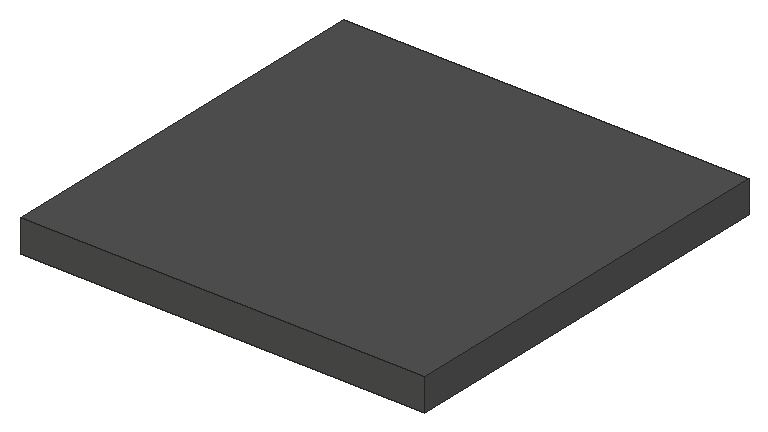
Revit family "Seating-Cushion-Teknion-BASC-R2015", category Furniture, Revit 2015
Parameters (values of type "Lay-On")
  Width [instance] = 19"
  Warranty = "http://www.teknion.com/ca/papers/legal-canada"
  Unit Weight URL = "http://www.teknion.com/ca/tools/assets#&asset=bee6a381-b954-425e-8283-5a2de3a804f2,f828d448-4b62-4231-9e5f-9a8991c0ed77"
  URL = "http://www.teknion.com/"
  Sustainability Data = "http://www.teknion.com/ca/tools/assets#&topic=216f99a5-57a0-44fc-b10a-9dee9b29ae4c&asset=444deb64-fe58-4b68-981e-f75e97781df7"
  Seat Upholstery Finish [instance] = Leather - Teknion - L104 - Black
  Product Page URL = "http://www.teknion.com/ca/products/product-details?productlineid=0053336e-8e7a-673b-a6c8-ff00004460c4"
  Product Line = "Expansion Casegoods"
  Product Documentation Link = "http://www.teknion.com/pricing/expansion-casegoods/pdfs/BASC_ppg.pdf"
  Part Number = "BASC"
  Note [instance] = "Available Widths are 19, 24, 30, and 36 inches."  # constant formula
  Model = "BASCL19_"
  Manufacturer Phone = "416-661-3370"
  Manufacturer Fax = "416.661.4586"
  Manufacturer Contact Information = "http://www.teknion.com/ca/contactus"
  Manufacturer Address = "1150 Flint Road, Toronto, ON. M3J 2J5. Canada"
  Manufacturer = "Teknion"  # constant formula
  Description = "Seat Cushion, Lay-on, 19\"d"
  Default Elevation = 48"
  Assembly Code = "E2020200"
Reference planes (in)
  plane 1 "Back": y = 0
  plane 2 "Bottom": z = 0
  plane 3 "Center L/R": x = 0
  plane 4 "Left": x = -9.5
  plane 5 "Right": x = 9.5
  plane 6 "Top": z = 1.5
  plane 7 "Front": y = -19
  plane 8: y = -9.5
Forms (in)
  Sweep 1, solid, material "Leather - Teknion - L104 - Black" <- "Seat Upholstery Finish"
    path origin (0, -0.5, -49.68504) x (1, 0, 0) y (0, 1, 0)
      loop
        line (-9.5, 0.5) -> (9.5, 0.5)
    profile origin (0, 0, -49.68504) x (0, 1, 0) y (0, 0, 1)
      loop
        line (0, 51.18504) -> (-19, 51.18504) -> (-19, 49.68504) -> (0, 49.68504) -> (0, 51.18504)
Lines and regions (in)
  Masking region 1
    outline origin (0, 0, 0) x (1, 0, 0) y (0, 1, 0)
      loop
        line (-9.5, 0) -> (-9.5, -19) -> (9.5, -19) -> (9.5, 0) -> (-9.5, 0)
  reference lines, not visible
    curve 1: line (-9.5, 0, 0) -> (-9.5, -19, 0)
    curve 2: line (9.5, 0, 0) -> (-9.5, 0, 0)
    curve 3: line (9.5, 0, 0) -> (9.5, -19, 0)
    curve 4: line (9.5, -19, 0) -> (-9.5, -19, 0)
Dimensions and locks (in)
  equal spacing: plane 4 "Left", plane 3 "Center L/R", plane 5 "Right"
  "Width": plane 4 "Left" to plane 5 "Right"
  locked: plane 6 "Top" to plane 2 "Bottom" at 1.5
  locked: plane 7 "Front" to plane 1 "Back" at 19
  equal spacing: plane 7 "Front", plane 8, plane 1 "Back"
  aligned and locked: level to plane 2 "Bottom"
  aligned and locked: plane 2 "Bottom" to Sweep 1 sketch curve
  aligned and locked: plane 1 "Back" to Sweep 1 sketch curve  (x2)
  aligned and locked: Sweep 1 sketch curve to plane 6 "Top"
  aligned and locked: plane 4 "Left" to Sweep 1 sketch curve
  aligned and locked: plane 5 "Right" to Sweep 1 sketch curve
  aligned and locked: Sweep 1 sketch curve to plane 7 "Front"
  aligned and locked: Masking region 1 sketch curve to plane 5 "Right"
  aligned and locked: plane 1 "Back" to Masking region 1 sketch curve
  aligned and locked: plane 4 "Left" to Masking region 1 sketch curve
  aligned and locked: Masking region 1 sketch curve to plane 7 "Front"
  aligned and locked: curve 1 to plane 4 "Left"
  aligned and locked: curve 2 to plane 1 "Back"
  aligned and locked: curve 3 to plane 5 "Right"
  aligned and locked: curve 4 to plane 7 "Front"
